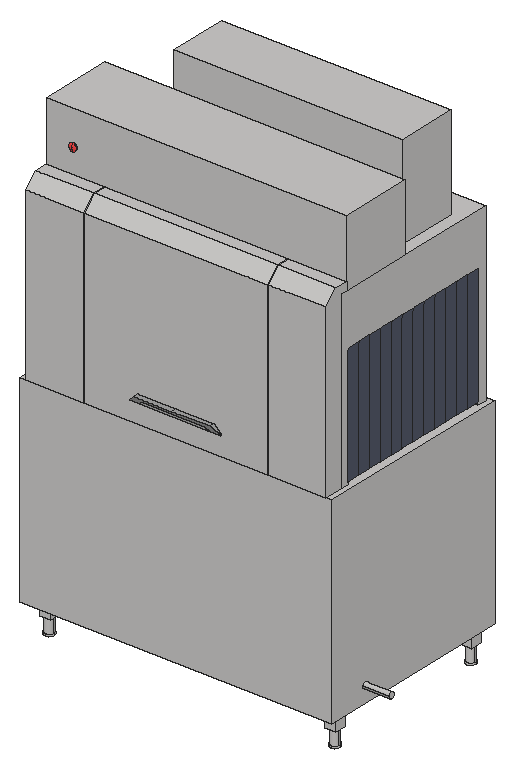
Revit family "QF_ELECTROLUXPROFESSIONAL_520428_ESR20EL5TL", category Specialty Equipment, Revit 2018
Family settings
  Round Connector Dimension = Use Diameter
  Part Type = Normal
  Work Plane-Based = No
  Always vertical = Yes
  Cut with Voids When Loaded = No
  Shared = No
  Room Calculation Point = No
Parameters
  Weight = 258.00 kg
  Watts = 0 W
  Volts = 0 V
  URL Manufacturer = ""
  URL = ""
  Steam Supply Size = 0 mm
  Steam Supply Minimum Pressure = 0.0 Pa
  Steam Supply Maximum Pressure = 0.0 Pa
  Steam Pounds per Hour = 0
  Show Clearance [instance] = yes
  Refrigeration Suction Line Size = 0 mm
  Refrigeration Liquid Line Size = 0 mm
  Refrigerant Compressor Remote = yes
  Manufacturer = ""
  Phase = 0
  Model = ""
  Length Actual = 1148 mm  # constant formula
  L_R [instance] = yes
  Item Number = ""
  Hot Water Size = 0 mm
  Height Actual = 1846 mm  # constant formula
  HP = "67.7 HP"
  Gas Size = 0 mm
  Gas KW = 0
  Gas Input Pressure = 0 W
  Direct Waste Size = 50.8 mm
  Description = ""
  Depth Actual = 800 mm  # constant formula
  Cycle = 0 Hz
  Condensate Return Size = 0 mm
  Compressed Air Volume = 0.0 L/s
  Compressed Air Size = 0 mm
  Compressed Air Pressure = 0.0 Pa
  Cold Water Size = 0 mm
  Accessory = yes
Types (2, lengths in mm): name | Volts | URL Manufacturer | URL | Manufacturer | Phase | Model | Item Number | Description | Cycle
  (no name) | 0 V | "" | "" | "" | 0 | "" | "" | "" | 0 Hz
  Standard | 380 V | "http://professional.electrolux.com" | "http://professional.electrolux.com" | "Electrolux Professional" | 3 | "ESR20EL5TL" | "520428" | "SINGLE RINSE RACK TYPE DISHWASHER,200 RACKS/HOUR,71 THERMAL,ELECTRIC,L>R,380-400V/50HZ/3N" | 50 Hz
Reference planes
  plane 1 "Centro (Fronte/Retro)": y = 0
  plane 2: z = 0
  plane 3 "Centro (Sinistra/Destra)": x = 0
  plane 4 "LEFT": x = -574
  plane 5 "RIGHT": x = 574
  plane 6 "BACK": y = 384
  plane 7 "FRONT": y = -384
  plane 8: z = 120
  plane 9: z = 1747
  plane 10: z = 858
  plane 11: z = 1501
  plane 12: z = 1846
  plane 13: x = -526
  plane 14: x = 526
  plane 15: y = -290
  plane 16: y = 336
  plane 17: y = 369
  plane 18: x = -553
  plane 19: x = 553
  plane 20: y = -318
  plane 21: x = -338
  plane 22: x = 338
  plane 23: z = 1308
  plane 24: z = 2000
  plane 25: y = 464
Forms (mm)
  Extrusion 1, solid, material "QF_Finishes_Stainless Steel"
    sketch origin (0, 0, 0) x (1, 0, 0) y (0, 1, 0)
      loop
        line (-574, 384) -> (-574, -364) -> (574, -364) -> (574, 384) -> (-574, 384)
    from 120 to 858
  Extrusion 2, solid, material "QF_Finishes_Stainless Steel"
    sketch origin (0, 0, 0) x (1, 0, 0) y (0, 1, 0)
      loop
        line (-553, 369) -> (-553, -298) -> (553, -298) -> (553, 369) -> (-553, 369)
    from 858 to 1501
  Extrusion 3, solid, material "QF_Finishes_Stainless Steel"
    sketch origin (0, 20, 0) x (0, 1, 0) y (0, 0, 1)
      loop
        line (-384, 858) -> (-318, 858) -> (-318, 1501) -> (-290, 1501) -> (-290, 1531) -> (-340, 1531) -> (-384, 1487) -> (-384, 858)
    from -553 to -338
  Extrusion 4, solid, material "QF_Finishes_Stainless Steel"
    sketch origin (500, 20, 0) x (0, 1, 0) y (0, 0, 1)
      loop
        line (-384, 858) -> (-318, 858) -> (-318, 1501) -> (-290, 1501) -> (-290, 1531) -> (-340, 1531) -> (-384, 1487) -> (-384, 858)
    from -162 to 53
  Extrusion 5, solid, material "QF_Finishes_Stainless Steel"
    sketch origin (540, 20, 0) x (0, 1, 0) y (0, 0, 1)
      loop
        line (-384, 858) -> (-318, 858) -> (-318, 1501) -> (-290, 1501) -> (-290, 1531) -> (-340, 1531) -> (-384, 1487) -> (-384, 858)
    from -878 to -202
  Extrusion 6, solid, material "QF_Finishes_Gray"
    sketch origin (540, -364, 858) x (0, 0, 1) y (-1, 0, 0)
      loop
        line (100, 540) -> (100, 680) -> (71.716, 708.284) -> (71.716, 371.716) -> (100, 400) -> (100, 540)
    from 0 to 20
  Extrusion 7, void
    sketch origin (540, -384, 858) x (0, 0, -1) y (-1, 0, 0)
      loop
        line (-71.716, 670) -> (-85.858, 655.858) -> (-85.858, 540) -> (-85.858, 424.142) -> (-71.716, 410) -> (-71.716, 670)
    from 0 to 15.552
  Extrusion 8, void
    sketch origin (0, 0, 0) x (0, 1, 0) y (0, 0, 1)
      loop
        line (-368.448, 929.716) -> (-384, 958) -> (-384, 929.716) -> (-368.448, 929.716)
    from -266.002 to 250
  Extrusion 9, solid, material "QF_Finishes_Stainless Steel"
    sketch origin (0, 0, 0) x (1, 0, 0) y (0, 1, 0)
      loop
        line (-553, -270) -> (553, -270) -> (553, 0) -> (-553, 0) -> (-553, -270)
    from 1501 to 1747
  Revolve 10, solid, material "QF_Finishes_Red"
    sketch origin (-450, 0, 0) x (0, 1, 0) y (0, 0, 1)
      loop
        line (-270, 1624.5) -> (-270, 1629.5) -> (-275.578, 1629.5) -> (-275.578, 1638.673) -> (-276.708, 1638.673)
        arc (-276.708, 1638.673) -> (-279.647, 1631.859) -> (-280.606, 1624.5) r 26.817
        line (-280.606, 1624.5) -> (-270, 1624.5)
      axis (-270, 1624.5) -> (-280.606, 1624.5)
    angle from 0 to 360
  Extrusion 11, solid, material "QF_Finishes_Stainless Steel"
    sketch origin (0, 0, 0) x (1, 0, 0) y (0, 1, 0)
      loop
        line (509, 42) -> (509, 265) -> (-334, 265) -> (-334, 42) -> (509, 42)
    from 1501 to 1846
  Extrusion 12, void
    sketch origin (-553, -318, 0) x (0, -1, 0) y (0, 0, -1)
      loop
        line (-654, -1308) -> (-53, -1308) -> (-53, -858) -> (-654, -858) -> (-654, -1308)
    from 0 to 1106
  Extrusion 13, solid, material "QF_Finishes_Navy Blue"
    sketch origin (-553, -318, 0) x (0, 1, 0) y (0, 0, -1)
      loop
        line (653, -1308) -> (653, -868) -> (604, -868) -> (604, -1308) -> (653, -1308)
      loop
        line (53, -1308) -> (102, -1308) -> (102, -868) -> (53, -868) -> (53, -1308)
      loop
        line (602, -868) -> (554, -868) -> (554, -1308) -> (602, -1308) -> (602, -868)
      loop
        line (552, -868) -> (504, -868) -> (504, -1308) -> (552, -1308) -> (552, -868)
      loop
        line (502, -868) -> (454, -868) -> (454, -1308) -> (502, -1308) -> (502, -868)
      loop
        line (452, -868) -> (404, -868) -> (404, -1308) -> (452, -1308) -> (452, -868)
      loop
        line (402, -868) -> (354, -868) -> (354, -1308) -> (402, -1308) -> (402, -868)
      loop
        line (352, -868) -> (304, -868) -> (304, -1308) -> (352, -1308) -> (352, -868)
      loop
        line (302, -868) -> (254, -868) -> (254, -1308) -> (302, -1308) -> (302, -868)
      loop
        line (252, -868) -> (204, -868) -> (204, -1308) -> (252, -1308) -> (252, -868)
      loop
        line (202, -868) -> (154, -868) -> (154, -1308) -> (202, -1308) -> (202, -868)
      loop
        line (152, -868) -> (104, -868) -> (104, -1308) -> (152, -1308) -> (152, -868)
    from 0 to -3
  Extrusion 14, solid, material "QF_Finishes_Navy Blue"
    sketch origin (553, -318, 0) x (0, 1, 0) y (0, 0, 1)
      loop
        line (653, 1308) -> (604, 1308) -> (604, 868) -> (653, 868) -> (653, 1308)
      loop
        line (53, 1308) -> (53, 868) -> (102, 868) -> (102, 1308) -> (53, 1308)
      loop
        line (602, 868) -> (602, 1308) -> (554, 1308) -> (554, 868) -> (602, 868)
      loop
        line (552, 868) -> (552, 1308) -> (504, 1308) -> (504, 868) -> (552, 868)
      loop
        line (502, 868) -> (502, 1308) -> (454, 1308) -> (454, 868) -> (502, 868)
      loop
        line (452, 868) -> (452, 1308) -> (404, 1308) -> (404, 868) -> (452, 868)
      loop
        line (402, 868) -> (402, 1308) -> (354, 1308) -> (354, 868) -> (402, 868)
      loop
        line (352, 868) -> (352, 1308) -> (304, 1308) -> (304, 868) -> (352, 868)
      loop
        line (302, 868) -> (302, 1308) -> (254, 1308) -> (254, 868) -> (302, 868)
      loop
        line (252, 868) -> (252, 1308) -> (204, 1308) -> (204, 868) -> (252, 868)
      loop
        line (202, 868) -> (202, 1308) -> (154, 1308) -> (154, 868) -> (202, 868)
      loop
        line (152, 868) -> (152, 1308) -> (104, 1308) -> (104, 868) -> (152, 868)
    from 0 to -3
  Extrusion 15, solid, material "QF_Door-Drawer Clearances", visible <- "Show Clearance", detail levels coarse
    sketch origin (453, -119.301, 494.86) x (0, 1, 0) y (0, 0, 1)
      loop
        line (-178.699, 1036.14) -> (-178.699, 1475.14) -> (-150.699, 1475.14) -> (-150.699, 1505.14) -> (-200.699, 1505.14) -> (-244.699, 1461.14) -> (-244.699, 992.14) -> (-200.699, 1036.14) -> (-178.699, 1036.14)
    from -791 to -115
  Extrusion 16, solid, material "QF_Clearance", visible <- "Show Clearance", detail levels coarse
    sketch origin (0, 0, 0) x (1, 0, 0) y (0, 1, 0)
      loop
        line (-574, 384) -> (574, 384) -> (574, 464) -> (-574, 464) -> (-574, 384)
    from 0 to 1846
  Extrusion 17, solid, material "QF_Finishes_Stainless Steel"
    sketch origin (-553, -318, 0) x (0, 1, 0) y (0, 0, -1)
      loop
        circle (104, -183) r 10
    from 21 to 121
  Extrusion 18, solid, material "QF_Finishes_Stainless Steel"
    sketch origin (553, -318, 0) x (0, 1, 0) y (0, 0, 1)
      loop
        circle (104, 183) r 10
    from 21 to 121
  Extrusion 19, solid, material "QF_Finishes_Stainless Steel"
    sketch origin (487.887, 0, -4.4) x (-1, 0, 0) y (0, 0, 1)
      loop
        circle (943.887, 1646.362) r 10
    from 0 to 35
  Extrusion 20, solid, material "QF_Finishes_Stainless Steel"
    sketch origin (-335, 265, 6.038) x (1, 0, 0) y (0, 0, -1)
      loop
        circle (204, -1740.962) r 10
    from 0 to 10
Cuts and joins
  Extrusion 7, Extrusion 12 cuts Extrusion 2
  Extrusion 7 cuts Extrusion 5
  Extrusion 7, Extrusion 8 cuts Extrusion 6
  Extrusion 12 cuts Extrusion 1
Lines and regions (mm)
  Split face 1
    outline origin (-553, -270, 0) x (1, 0, 0) y (0, 0, 1)
      loop
        line (215, 1501) -> (215, 1747)
      loop
        line (891, 1501) -> (891, 1747)
  Split face 2
    outline origin (-553, -270, 0) x (1, 0, 0) y (0, 0, 1)
      loop
        line (215, 1651) -> (310, 1651) -> (348.837, 1604.716) -> (553, 1604.716) -> (757.163, 1604.716) -> (796, 1651) -> (891, 1651)
  Split face 3
    outline origin (-553, -270, 0) x (1, 0, 0) y (0, 0, 1)
      loop
        line (482.982, 1651) -> (482.982, 1631) -> (512.982, 1631) -> (512.982, 1651) -> (482.982, 1651)
  Split face 4
    outline origin (553, -270, 0) x (-1, 0, 0) y (0, 0, -1)
      loop
        line (455.982, -1651) -> (485.982, -1651) -> (485.982, -1631) -> (455.982, -1631) -> (455.982, -1651)
  symbolic lines
    curve 1: line (-334, 265, 0) -> (509, 265, 0)
    curve 2: line (-334, 42, 0) -> (-334, 265, 0)
    curve 3: line (509, 42, 0) -> (-334, 42, 0)
    curve 4: line (509, 265, 0) -> (509, 42, 0)
    curve 5: line (-574, 384, 0) -> (574, 384, 0)
    curve 6: line (574, 384, 0) -> (574, -364, 0)
    curve 7: line (574, -364, 0) -> (-574, -364, 0)
    curve 8: line (-574, -364, 0) -> (-574, 384, 0)
    curve 9: line (-553, -364, 0) -> (-553, 369, 0)
    curve 10: line (-553, 369, 0) -> (553, 369, 0)
    curve 11: line (553, 369, 0) -> (553, -364, 0)
    curve 12: line (553, -320, 0) -> (-553, -320, 0)
    curve 13: line (-338, -364, 0) -> (-338, -270, 0)
    curve 14: line (-553, -270, 0) -> (553, -270, 0)
    curve 15: line (338, -364, 0) -> (338, -270, 0)
    curve 16: line (526, 0, 0) -> (-553, 0, 0)
    curve 23: line (-168.284, -364, 0) -> (-168.284, -368.448, 0)
    curve 24: line (-168.284, -368.448, 0) -> (-140, -384, 0)
    curve 25: line (-140, -384, 0) -> (140, -384, 0)
    curve 26: line (140, -384, 0) -> (168.284, -368.448, 0)
    curve 27: line (168.284, -368.448, 0) -> (168.284, -364, 0)
  symbolic lines, style "QF_Clearances"
    curve 17: line (-574, 384, 0) -> (-574, 464, 0)
    curve 18: line (-574, 464, 0) -> (574, 464, 0)
    curve 19: line (574, 384, 0) -> (574, 464, 0)
  symbolic lines, style "SpecialityEquipment"
    curve 20: line (100, 129, 0) -> (-100, 129, 0)
  symbolic lines, style "SpecialityEquipment", visible <- "L_R"
    curve 21: line (100, 129, 0) -> (50.207, 87.219, 0)
    curve 22: line (100, 129, 0) -> (50.207, 170.781, 0)
Dimensions and locks
  equal spacing: plane 4 "LEFT", plane 3 "Centro (Sinistra/Destra)", plane 5 "RIGHT"
  plane 4 "LEFT" to plane 5 "RIGHT" = 1148 mm
  equal spacing: plane 6 "BACK", plane 1 "Centro (Fronte/Retro)", plane 7 "FRONT"
  plane 6 "BACK" to plane 7 "FRONT" = 768 mm
  plane 12 to plane 9 to plane 11 to plane 10 to plane 8 to plane 2 = 99 mm, 246 mm, 643 mm, 738 mm, 120 mm
  plane 12 to plane 2 = 1846 mm
  locked: plane 4 "LEFT" to plane 13 at 48
  locked: plane 14 to plane 5 "RIGHT" at 48
  locked: plane 6 "BACK" to plane 16 at 48
  locked: plane 15 to plane 7 "FRONT" at 94
  locked: plane 6 "BACK" to plane 17 at 15
  locked: plane 4 "LEFT" to plane 18 at 21
  locked: plane 19 to plane 5 "RIGHT" at 21
  locked: plane 20 to plane 7 "FRONT" at 66
  locked: plane 21 to plane 18 at 215
  locked: plane 19 to plane 22 at 215
  locked: plane 23 to plane 10 at 450
  plane 24 to plane 2 = 2000 mm
  locked: plane 6 "BACK" to plane 25 at 80
  plane 9 to plane 2 = 1747 mm
  aligned and locked: level to plane 2
  aligned and locked: plane 13 to nested 1
  aligned and locked: nested 1 to plane 15
  aligned and locked: nested 2 to plane 16
  aligned and locked: plane 14 to nested 3
  aligned and locked: nested 4 to plane 16
  aligned and locked: plane 14 to nested 4
  aligned and locked: Extrusion 1 sketch curve to plane 6 "BACK"
  aligned and locked: plane 4 "LEFT" to Extrusion 1 sketch curve
  aligned and locked: Extrusion 1 sketch curve to plane 5 "RIGHT"
  aligned and locked: plane 18 to Extrusion 2 sketch curve
  aligned and locked: Extrusion 2 sketch curve to plane 19
  aligned and locked: Extrusion 2 sketch curve to plane 17
  aligned and locked: Extrusion 3 to plane 18
  aligned and locked: plane 21 to Extrusion 3
  aligned and locked: plane 19 to Extrusion 4
  aligned and locked: Extrusion 4 to plane 22
  aligned and locked: Extrusion 5 to plane 21
  aligned and locked: plane 22 to Extrusion 5
  aligned and locked: Extrusion 2 to Extrusion 3
  aligned and locked: Extrusion 1 to Extrusion 3
  aligned and locked: Extrusion 9 sketch curve to Extrusion 3
  aligned and locked: Extrusion 9 sketch curve to plane 18
  aligned and locked: Extrusion 9 sketch curve to plane 1 "Centro (Fronte/Retro)"
  aligned and locked: plane 19 to Extrusion 12
  aligned and locked: plane 4 "LEFT" to Extrusion 17
  aligned and locked: plane 19 to Extrusion 9
  aligned and locked: Extrusion 16 to plane 25
  aligned and locked: plane 9 to Extrusion 9
Automatic sketch dimensions
  Extrusion 6 sketch curve to plane 3 "Centro (Sinistra/Destra)" = 0 mm
  plane 10 to Extrusion 6 sketch curve = 71.716 mm
  Extrusion 6 sketch curve to Extrusion 6 sketch curve = 28.284 mm  (x3)
  plane 3 "Centro (Sinistra/Destra)" to Extrusion 6 sketch curve = 140 mm
  Extrusion 6 sketch curve to Extrusion 6 sketch curve = 140 mm
  Extrusion 7 sketch curve to Extrusion 6 = 0 mm
  Extrusion 6 to Extrusion 7 sketch curve = 14.142 mm
  Extrusion 6 to Extrusion 7 sketch curve = 27.071 mm
  Extrusion 7 sketch curve to Extrusion 7 sketch curve = 14.142 mm  (x2)
  Extrusion 7 sketch curve to Extrusion 7 sketch curve = 115.858 mm  (x2)
  Split face 2 sketch curve to Split face 2 sketch curve = 38.837 mm  (x2)
  Split face 2 sketch curve to Split face 2 sketch curve = 204.163 mm  (x2)
  Split face 2 sketch curve to Split face 2 sketch curve = 95 mm  (x2)
  Split face 3 sketch curve to Split face 3 sketch curve = 30 mm
  Split face 3 sketch curve to Split face 3 sketch curve = 20 mm
  Split face 4 sketch curve to Split face 4 sketch curve = 30 mm
  Split face 4 sketch curve to Split face 4 sketch curve = 20 mm
  Split face 1 sketch curve to Split face 1 sketch curve = 676 mm
  Split face 1 sketch curve to Split face 1 sketch curve = 0 mm
  Split face 1 sketch curve to Split face 1 sketch curve = 246 mm  (x2)
  Split face 2 sketch curve to Split face 2 sketch curve = 46.284 mm  (x2)
  plane 13 to Extrusion 19 sketch curve = 70 mm
  Extrusion 19 sketch curve to plane 9 = 105.038 mm
  plane 7 "FRONT" to Extrusion 1 sketch curve = 20 mm
  Extrusion 2 sketch curve to plane 15 = 8 mm
  Extrusion 3 sketch curve to plane 10 = 0 mm
  Extrusion 3 sketch curve to plane 11 = 0 mm
  plane 7 "FRONT" to Extrusion 3 sketch curve = 20 mm
  Extrusion 3 sketch curve to plane 20 = 2 mm
  Extrusion 3 sketch curve to plane 15 = 8 mm
  plane 15 to Extrusion 3 sketch curve = 20 mm
  Extrusion 3 sketch curve to plane 11 = 14 mm
  plane 11 to Extrusion 3 sketch curve = 30 mm
  Extrusion 4 sketch curve to plane 10 = 0 mm
  Extrusion 4 sketch curve to plane 11 = 0 mm
  plane 7 "FRONT" to Extrusion 4 sketch curve = 20 mm
  Extrusion 4 sketch curve to plane 20 = 2 mm
  Extrusion 4 sketch curve to plane 15 = 8 mm
  plane 15 to Extrusion 4 sketch curve = 20 mm
  Extrusion 4 sketch curve to plane 11 = 14 mm
  plane 11 to Extrusion 4 sketch curve = 30 mm
  Extrusion 5 sketch curve to plane 10 = 0 mm
  Extrusion 5 sketch curve to plane 11 = 0 mm
  plane 7 "FRONT" to Extrusion 5 sketch curve = 20 mm
  Extrusion 5 sketch curve to plane 20 = 2 mm
  Extrusion 5 sketch curve to plane 15 = 8 mm
  plane 15 to Extrusion 5 sketch curve = 20 mm
  Extrusion 5 sketch curve to plane 11 = 14 mm
  plane 11 to Extrusion 5 sketch curve = 30 mm
  Extrusion 8 sketch curve to plane 7 "FRONT" = 0 mm
  plane 7 "FRONT" to Extrusion 8 sketch curve = 15.552 mm
  plane 10 to Extrusion 8 sketch curve = 71.716 mm
  Extrusion 8 sketch curve to Extrusion 8 sketch curve = 28.284 mm
  Extrusion 9 sketch curve to plane 19 = 0 mm
  plane 15 to Revolve 10 sketch curve = 9.394 mm
  plane 15 to Revolve 10 sketch curve = 13.292 mm
  Revolve 10 sketch curve to Revolve 10 sketch curve = 5.028 mm
  Revolve 10 sketch curve to Revolve 10 sketch curve = 5.578 mm
  Revolve 10 sketch curve to Revolve 10 sketch curve = 16.21 mm
  Revolve 10 sketch curve to plane 9 = 122.5 mm  (x2)
  Revolve 10 sketch curve to Revolve 10 sketch curve = 0.248 mm
  Revolve 10 sketch curve to Revolve 10 sketch curve = 5 mm
  Revolve 10 sketch curve to plane 7 "FRONT" = 66 mm
  Revolve 10 sketch curve to Revolve 10 sketch curve = 0 mm
  plane 21 to Extrusion 11 sketch curve = 4 mm
  Extrusion 11 sketch curve to plane 14 = 17 mm
  Extrusion 11 sketch curve to plane 1 "Centro (Fronte/Retro)" = 42 mm
  Extrusion 11 sketch curve to plane 16 = 71 mm
  Extrusion 2 to Extrusion 12 sketch curve = 0 mm
  Extrusion 12 sketch curve to Extrusion 2 = 33 mm
  Extrusion 2 to Extrusion 12 sketch curve = 33 mm
  Extrusion 12 sketch curve to Extrusion 2 = 193 mm
  Extrusion 2 to Extrusion 13 sketch curve = 10 mm  (x9)
  Extrusion 13 sketch curve to Extrusion 2 = 33 mm
  Extrusion 13 sketch curve to Extrusion 13 sketch curve = 49 mm
  Extrusion 13 sketch curve to Extrusion 13 sketch curve = 2 mm  (x11)
  Extrusion 13 sketch curve to Extrusion 13 sketch curve = 48 mm  (x10)
  Extrusion 2 to Extrusion 13 sketch curve = 34 mm
  Extrusion 13 sketch curve to Extrusion 13 sketch curve = 0 mm  (x13)
  Extrusion 2 to Extrusion 13 sketch curve = 193 mm  (x2)
  Extrusion 14 sketch curve to plane 23 = 0 mm  (x12)
  plane 10 to Extrusion 14 sketch curve = 10 mm  (x9)
  plane 15 to Extrusion 14 sketch curve = 25 mm
  Extrusion 14 sketch curve to Extrusion 14 sketch curve = 49 mm
  Extrusion 14 sketch curve to Extrusion 14 sketch curve = 2 mm  (x11)
  Extrusion 14 sketch curve to Extrusion 14 sketch curve = 48 mm  (x8)
  plane 1 "Centro (Fronte/Retro)" to Extrusion 14 sketch curve = 16 mm
  Extrusion 14 sketch curve to plane 1 "Centro (Fronte/Retro)" = 34 mm
  Extrusion 14 sketch curve to plane 16 = 1 mm
  Extrusion 14 sketch curve to Extrusion 14 sketch curve = 0 mm  (x3)
  Extrusion 15 sketch curve to plane 24 = 0 mm
  plane 7 "FRONT" to Extrusion 15 sketch curve = 20 mm
  Extrusion 15 sketch curve to plane 20 = 2 mm  (x2)
  Extrusion 15 sketch curve to plane 15 = 8 mm
  plane 15 to Extrusion 15 sketch curve = 20 mm
  Extrusion 15 sketch curve to plane 24 = 30 mm
  Extrusion 15 sketch curve to plane 24 = 44 mm
  plane 11 to Extrusion 15 sketch curve = 30 mm
  Extrusion 15 sketch curve to plane 11 = 14 mm
  Extrusion 16 sketch curve to plane 4 "LEFT" = 0 mm
  Extrusion 16 sketch curve to plane 5 "RIGHT" = 0 mm
  Extrusion 16 sketch curve to plane 6 "BACK" = 0 mm
  plane 25 to Extrusion 16 sketch curve = 0 mm
  Extrusion 17 sketch curve to Extrusion 2 = 84 mm
  Extrusion 17 sketch curve to Extrusion 2 = 675 mm
  plane 15 to Extrusion 18 sketch curve = 76 mm
  plane 8 to Extrusion 18 sketch curve = 63 mm
  Extrusion 20 sketch curve to Extrusion 11 = 203 mm
  Extrusion 11 to Extrusion 20 sketch curve = 99 mm
  curve 18 to plane 4 "LEFT" = 0 mm
  curve 12 to plane 18 = 0 mm
  curve 13 to plane 21 = 0 mm
  curve 25 to plane 7 "FRONT" = 0 mm
  curve 15 to plane 22 = 0 mm
  plane 1 "Centro (Fronte/Retro)" to curve 16 = 0 mm
  curve 16 to plane 14 = 0 mm
  plane 17 to curve 11 = 0 mm
  curve 11 to plane 19 = 0 mm
  curve 5 to plane 5 "RIGHT" = 0 mm
  curve 5 to plane 6 "BACK" = 0 mm
  plane 25 to curve 18 = 0 mm
  plane 21 to curve 2 = 4 mm
  plane 7 "FRONT" to curve 24 = 15.552 mm
  curve 24 to plane 3 "Centro (Sinistra/Destra)" = 168.284 mm
  curve 23 to curve 25 = 28.284 mm
  plane 3 "Centro (Sinistra/Destra)" to curve 21 = 100 mm
  plane 3 "Centro (Sinistra/Destra)" to curve 25 = 140 mm
  curve 4 to plane 14 = 17 mm
  curve 2 to plane 1 "Centro (Fronte/Retro)" = 42 mm
  curve 22 to plane 1 "Centro (Fronte/Retro)" = 129 mm
  curve 1 to plane 16 = 71 mm
  curve 20 to plane 3 "Centro (Sinistra/Destra)" = 100 mm
  plane 3 "Centro (Sinistra/Destra)" to curve 22 = 50.207 mm
  plane 3 "Centro (Sinistra/Destra)" to curve 21 = 50.207 mm
  curve 25 to curve 27 = 28.284 mm
  plane 7 "FRONT" to curve 26 = 15.552 mm
  curve 26 to curve 27 = 4.448 mm
  curve 12 to plane 20 = 2 mm
  plane 15 to curve 15 = 20 mm
  curve 21 to curve 20 = 41.781 mm
  curve 20 to curve 22 = 41.781 mm
  radius of Extrusion 19 sketch curve = 10 mm
  radius of Extrusion 17 sketch curve = 10 mm
  radius of Extrusion 18 sketch curve = 10 mm
  radius of Extrusion 20 sketch curve = 10 mm
Nested families
  nested 1: "Foot_40x40_H150" at (-526, -290, 0), type "Foot_40x40_H150"
  nested 2: "Foot_40x40_H150" at (-526, 336, 0), type "Foot_40x40_H150"
  nested 3: "Foot_40x40_H150" at (526, -290, 0), type "Foot_40x40_H150"
  nested 4: "Foot_40x40_H150" at (526, 336, 0), type "Foot_40x40_H150"
Connectors
  piping at (-674, -214, 183), diameter 20
    settings: on Extrusion 17, index 1, connector inside diameter 609.6 mm, connector length 0 mm, flow factor 0, pipe flow 0.0 L/s, pressure drop 0.0 Pa, fitting loss kfactor 0, connector angle 0.00°, fixture units 0, engagement length 0 mm, angle of deflection 0.00°, flow configuration 1, flow direction 2, fitting loss method 0, system type 16, joint type 0, gender type 0, connector reference index -1, connector utility 0, adjustable connector no, is connector primary yes, connector description "Drain"
  piping at (674, -214, 183), diameter 20
    settings: on Extrusion 18, index 2, connector inside diameter 609.6 mm, connector length 0 mm, flow factor 0, pipe flow 0.0 L/s, pressure drop 0.0 Pa, fitting loss kfactor 0, connector angle 0.00°, fixture units 0, engagement length 0 mm, angle of deflection 0.00°, flow configuration 1, flow direction 2, fitting loss method 0, system type 16, joint type 0, gender type 0, connector reference index -1, connector utility 0, adjustable connector no, is connector primary no, connector description "Drain"
  electrical at (-456, 35, 1641.962)
    settings: on Extrusion 19, index 3, voltage 0 V, apparent load 0 VA, apparent load phase1 0 VA, apparent load phase2 0 VA, apparent load phase3 0 VA, power factor 1, load classification "Altro", number of poles 1, system type 30, power factor state 1, is connector primary yes, connector utility no, sub classification motor no, connector description "Electrical"
  piping at (-131, 275, 1747), diameter 609.6
    settings: on Extrusion 20, index 4, connector inside diameter 609.6 mm, connector length 0 mm, flow factor 0, pipe flow 0.0 L/s, pressure drop 0.0 Pa, fitting loss kfactor 0, connector angle 0.00°, fixture units 0, engagement length 0 mm, angle of deflection 0.00°, flow configuration 0, flow direction 0, fitting loss method 0, system type 20, joint type 0, gender type 0, connector reference index -1, connector utility 0, adjustable connector no, is connector primary no, connector description "Cold Water"
Definition of nested family "Foot_40x40_H150"
  Reference planes
    plane 1 "Centro (Fronte/Retro)": y = 0
    plane 2: z = 0
    plane 3 "Centro (Sinistra/Destra)": x = 0
    plane 4: z = 120
  Forms (mm)
    Extrusion 1, solid
      sketch origin (0, 0, 0) x (1, 0, 0) y (0, 1, 0)
        loop
          circle (0, 0) r 18
      from 0 to 5
    Extrusion 2, solid
      sketch origin (0, 0, 5) x (1, 0, 0) y (0, 1, 0)
        loop
          circle (0, 0) r 15
      from 0 to 55
    Extrusion 3, solid
      sketch origin (0, 0, 60) x (1, 0, 0) y (0, 1, 0)
        loop
          line (-20, 20) -> (-20, -20) -> (20, -20) -> (20, 20) -> (-20, 20)
      from 0 to 60
  Dimensions and locks
    aligned and locked: level to plane 2
    aligned and locked: plane 4 to Extrusion 3
    aligned and locked: Extrusion 1 to level
